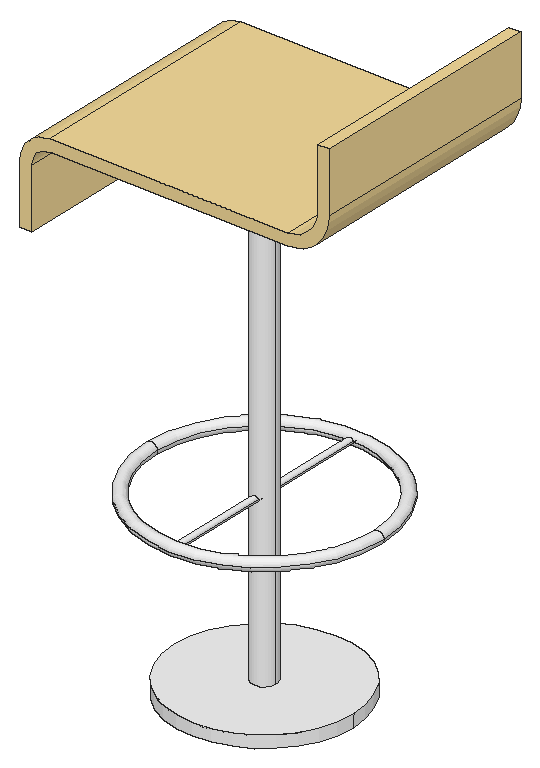
Revit family "Banqueta básica", category Furniture, Revit 2016
Family settings
  Work Plane-Based = No
  Always vertical = Yes
  Cut with Voids When Loaded = No
  Shared = No
  Room Calculation Point = No
Parameters
  Base = Rod
  Assento = Timber
  Altura do assento = 85 cm
Reference planes (cm)
  plane 1 "Center (Front/Back)": y = 0
  plane 2: z = 0
  plane 3 "Center (Left/Right)": x = 0
Forms (cm)
  Sweep 1, solid, material "Timber" <- "Assento"
    path origin (0, 0, 0) x (1, 0, 0) y (0, 1, 0)
      loop
        line (0, -20) -> (0, 20)
    profile origin (0, 0, 0) x (-1, 0, 0) y (0, 0, 1)
      loop
        arc (-20, 85) -> (-23.5355, 86.4645) -> (-25, 90) r 5
        line (-25, 90) -> (-25, 100) -> (-27, 100) -> (-27, 90)
        arc (-27, 90) -> (-24.9497, 85.0503) -> (-20, 83) r 7
        line (-20, 83) -> (20, 83)
        arc (20, 83) -> (22.1213, 82.1213) -> (23, 80) r 3
        line (23, 80) -> (23, 70) -> (25, 70) -> (25, 80)
        arc (25, 80) -> (23.5355, 83.5355) -> (20, 85) r 5
        line (20, 85) -> (-20, 85)
  Extrusion 2, solid, material "Rod" <- "Base"
    sketch origin (0, 0, 0) x (1, 0, 0) y (0, 1, 0)
      loop
        circle (0, 0) r 2
    from 2 to 83
  Extrusion 3, solid, material "Rod" <- "Base"
    sketch origin (0, 0, 0) x (1, 0, 0) y (0, 1, 0)
      loop
        circle (0, 0) r 15
    from 0 to 2
  Sweep 4, solid, material "Rod" <- "Base"
    path origin (0, 0, 0) x (1, 0, 0) y (0, 1, 0)
      loop
        circle (0, 0) r 20
    profile origin (0, 20, 0) x (0, -1, 0) y (0, 0, 1)
      loop
        circle (1, 30) r 1
  Sweep 5, solid, material "Rod" <- "Base"
    path origin (0, 0, 0) x (1, 0, 0) y (0, 1, 0)
      loop
        line (0, 19) -> (0, -19)
    profile origin (0, 0, 0) x (1, 0, 0) y (0, 0, 1)
      loop
        circle (0, 30) r 0.5
Dimensions and locks (cm)
  "Altura do assento": Sweep 1 to level
  aligned and locked: Extrusion 2 to Sweep 1
Automatic sketch dimensions
  Sweep 1 sketch curve to plane 3 "Center (Left/Right)" = 0 cm
  plane 1 "Center (Front/Back)" to Sweep 1 sketch curve = 20 cm
  Sweep 1 sketch curve to plane 1 "Center (Front/Back)" = 20 cm
  Sweep 1 sketch curve to Sweep 1 sketch curve = 0 cm  (x4)
  profile plane to Sweep 1 sketch curve = 27 cm
  Sweep 1 sketch curve to Sweep 1 sketch curve = 2 cm
  Sweep 1 sketch curve to Sweep 1 sketch curve = 5 cm
  Sweep 1 sketch curve to profile plane = 20 cm
  Sweep 1 sketch curve to Sweep 1 sketch curve = 3 cm
  level to Sweep 1 sketch curve = 70 cm
  Sweep 1 sketch curve to Sweep 1 sketch curve = 10 cm  (x2)
  plane 1 "Center (Front/Back)" to Extrusion 2 sketch curve = 0 cm
  Extrusion 2 sketch curve to plane 3 "Center (Left/Right)" = 0 cm
  plane 1 "Center (Front/Back)" to Extrusion 3 sketch curve = 0 cm
  Extrusion 3 sketch curve to plane 3 "Center (Left/Right)" = 0 cm
  plane 1 "Center (Front/Back)" to Sweep 4 sketch curve = 0 cm
  Sweep 4 sketch curve to plane 3 "Center (Left/Right)" = 0 cm
  Sweep 4 sketch curve to profile plane = 1 cm
  level to Sweep 4 sketch curve = 30 cm
  Sweep 5 sketch curve to plane 3 "Center (Left/Right)" = 0 cm
  plane 1 "Center (Front/Back)" to Sweep 5 sketch curve = 19 cm
  Sweep 5 sketch curve to plane 1 "Center (Front/Back)" = 19 cm
  profile plane to Sweep 5 sketch curve = 0 cm
  level to Sweep 5 sketch curve = 30 cm
  radius of Extrusion 2 sketch curve = 2 cm
  radius of Extrusion 3 sketch curve = 15 cm
  radius of Sweep 4 sketch curve = 20 cm
  radius of Sweep 4 sketch curve = 1 cm
  radius of Sweep 5 sketch curve = 0.5 cm
